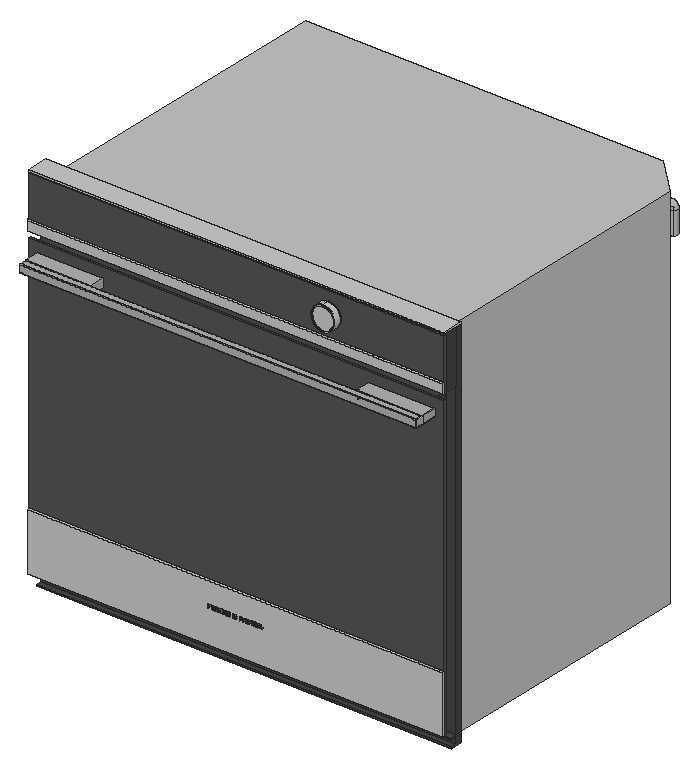
Revit family "FP_Revit_18_OB30SDPTDX1_Oven_90000939A", category Specialty Equipment, Revit 2018
Family settings
  Round Connector Dimension = Use Diameter
  Part Type = Normal
  OmniClass Number = 23.40.40.14.17.11
  OmniClass Title = Cookers, Ovens, Stoves
  Work Plane-Based = No
  Always vertical = Yes
  Cut with Voids When Loaded = Yes
  Shared = No
  Room Calculation Point = No
Parameters (values of type "OB30SDPTDX1")
  Visibility - Clearance Required = yes
  URL = "www.fisherpaykel.com"
  Product - Width = 760 mm  # constant formula
  Product - Height = 690 mm  # constant formula
  Product - Depth = 609 mm  # constant formula
  Model = "OB30SDPTDX1"
  Material - Trim = Fisher & Paykel - Stainless Steel
  Material - Structure = Fisher & Paykel - Black
  Material - Handle = Fisher & Paykel - Aluminium
  Material - Glass = Fisher & Paykel - Glass, Black
  Material - Buttons and Dials = Fisher & Paykel - Stainless Steel
  Material - Body = Fisher & Paykel - Grey
  Manufacturer = "Fisher & Paykel Appliances"
  FFL Offset [instance] = 170 mm
  Description = "30\" Self Cleaning Oven"
  Connector Note - Electrical = "208V or 240 V, 16.6 A - 19.4 A"
  Chassis - Width = 720 mm  # constant formula
  Chassis - Height = 675 mm  # constant formula
  Chassis - Depth = 569 mm  # constant formula
  Cavity - Width = 764 mm  # constant formula
  Cavity - Height = 693 mm  # constant formula
  Cavity - Depth = 575 mm  # constant formula
Reference planes
  plane 1 "Datum": y = 0
  plane 2: z = 0
  plane 3 "Center (Left/Right)": x = 0
  plane 4: z = 863
  plane 5: z = 860
  plane 6 "Product LHS": x = -380
  plane 7 "Product RHS": x = 380
  plane 8 "Product - Depth": y = 569
  plane 9 "Cavity LHS": x = -382
  plane 10 "Cavity RHS": x = 382
  plane 11 "Cavity - Depth": y = 575
  plane 12 "Front Face": y = -40
  plane 13 "FFL Offset": z = 170
Forms (mm)
  Extrusion 1, solid, material "Fisher & Paykel - Grey" <- "Material - Body"
    sketch origin (0, 0, 0) x (1, 0, 0) y (0, 1, 0)
      loop
        line (-359.809, 0) -> (360.191, 0) -> (360.191, 503) -> (294.191, 569) -> (-359.809, 569) -> (-359.809, 0)
    from 170 to 845
  Extrusion 2, solid, material "Fisher & Paykel - Clearance Required", visible <- "Visibility - Clearance Required", detail levels coarse
    sketch origin (0, 0, 0) x (1, 0, 0) y (0, 1, 0)
      loop
        line (-361.809, 0) -> (362.191, 0) -> (362.191, 575) -> (-361.809, 575) -> (-361.809, 0)
    from 170 to 851
  Extrusion 3, solid, material "Fisher & Paykel - Black" <- "Material - Structure"
    sketch origin (0, 0, 0) x (0, 1, 0) y (0, 0, 1)
      loop
        line (-11, 857.1) -> (-11, 187.834) -> (-21.5, 185.02) -> (-21.254, 184.102) -> (-11, 186.85) -> (-11, 171.95) -> (-22, 171.95) -> (-22, 170) -> (0, 170) -> (0, 857.1) -> (-11, 857.1)
    from -380 to 380
  Extrusion 4, solid, material "Fisher & Paykel - Black" <- "Material - Structure"
    sketch origin (0, 0, 0) x (0, 1, 0) y (0, 0, 1)
      loop
        line (-36, 857.1) -> (-36, 760) -> (-11, 760) -> (-11, 857.1) -> (-36, 857.1)
    from -380 to 380
  Extrusion 5, solid, material "Fisher & Paykel - Black" <- "Material - Structure"
    sketch origin (0, 0, 0) x (0, 1, 0) y (0, 0, 1)
      loop
        line (-16.2, 197.63) -> (-16.2, 747.665) -> (-36, 747.665) -> (-36, 197.63) -> (-16.2, 197.63)
    from -365 to 363.494
  Extrusion 6, solid, material "Fisher & Paykel - Black" <- "Material - Structure"
    sketch origin (0, 0, 0) x (0, 1, 0) y (0, 0, 1)
      loop
        line (-16.2, 747.665) -> (-16.2, 197.63) -> (-11, 197.63) -> (-11, 747.665) -> (-16.2, 747.665)
    from -361 to 361
  Extrusion 7, solid, material "Fisher & Paykel - Glass, Black" <- "Material - Glass"
    sketch origin (0, 0, 0) x (0, 1, 0) y (0, 0, 1)
      loop
        line (-40, 747.665) -> (-40, 197.63) -> (-36, 197.63) -> (-36, 747.665) -> (-40, 747.665)
    from -380 to 380
  Extrusion 8, solid, material "Fisher & Paykel - Glass, Black"
    sketch origin (0, 0, 0) x (0, 1, 0) y (0, 0, 1)
      loop
        line (-40, 855.1) -> (-40, 760) -> (-36, 760) -> (-36, 855.1) -> (-40, 855.1)
    from -380 to 380
  Extrusion 9, solid, material "Fisher & Paykel - Stainless Steel" <- "Material - Trim", detail levels fine
    sketch origin (0, 0, 0) x (0, 1, 0) y (0, 0, 1)
      loop
        line (-41.95, 777.531) -> (-41.95, 760) -> (-40, 760) -> (-40, 779.643) -> (-40.8, 779.643) -> (-41.95, 777.531)
    from -380 to 380
  Extrusion 10, solid, material "Fisher & Paykel - Clearance Required", visible <- "Visibility - Clearance Required", detail levels coarse
    sketch origin (0, -2000, 0) x (0, 1, 0) y (0, 0, 1)
      loop
        line (2000, 863) -> (1961, 863) -> (1961, 749.316)
        arc (1961, 749.316) -> (1570.899, 587.731) -> (1409.314, 197.63) r 551.686
        line (1409.314, 197.63) -> (1960, 197.63) -> (1960, 170) -> (2000, 170) -> (2000, 863)
    from -382 to 382
  Extrusion 11, solid, material "Fisher & Paykel - Stainless Steel" <- "Material - Trim", detail levels fine
    sketch origin (0, -2000, 0) x (0, 1, 0) y (0, 0, 1)
      loop
        line (1958.3, 303.247) -> (1958.3, 197.63) -> (1960, 197.63) -> (1960, 305.415) -> (1959.2, 305.415) -> (1958.3, 303.247)
    from -379.809 to 380
  Extrusion 12, solid, material "Fisher & Paykel - Stainless Steel" <- "Material - Trim"
    sketch origin (0, 0, 0) x (0, 1, 0) y (0, 0, 1)
      loop
        line (-40, 860) -> (-40, 857.1) -> (0, 857.1) -> (0, 860) -> (-40, 860)
    from -380 to 380
  Extrusion 13, void
    sketch origin (0, 0, 0) x (1, 0, 0) y (0, 1, 0)
      loop
        line (-361.809, 575) -> (-361.809, 0) -> (362.191, 0) -> (362.191, 575) -> (-361.809, 575)
    from 170 to 851
  Extrusion 14, void
    sketch origin (0, 0, 0) x (1, 0, 0) y (0, 1, 0)
      loop
        line (-382, 0) -> (-382, -40) -> (382, -40) -> (382, 0) -> (-382, 0)
    from 170 to 863
Lines and regions (mm)
  model lines, style "Fisher & Paykel"
    curve 1: line (-54, -40, 850.5) -> (54, -40, 850.5)
    curve 2: line (-54, -40, 785.7) -> (-54, -40, 850.5)
    curve 3: line (54, -40, 785.7) -> (-54, -40, 785.7)
    curve 4: line (54, -40, 850.5) -> (54, -40, 785.7)
Text (mm)
  text "Due to ongoing product development, product details are subject to change without notice. \nPlease always refer to www.fisherpaykel.com for the most current product information. \n© Fisher & Paykel 2020" at (41.04, -678.295, 0), in view "Ref. Level (Plan)"
Dimensions and locks
  equal spacing: plane 6 "Product LHS", plane 3 "Center (Left/Right)", plane 7 "Product RHS"
  "Product - Width": plane 6 "Product LHS" to plane 7 "Product RHS"
  "Chassis - Depth": plane 1 "Datum" to plane 8 "Product - Depth"
  equal spacing: plane 9 "Cavity LHS", plane 3 "Center (Left/Right)", plane 10 "Cavity RHS"
  "Cavity - Depth": plane 11 "Cavity - Depth" to plane 1 "Datum"
  Extrusion 2 to Extrusion 2 = 724 mm
  "Cavity - Width": plane 9 "Cavity LHS" to plane 10 "Cavity RHS"
  "Chassis - Width": Extrusion 1 to Extrusion 1
  plane 12 "Front Face" to plane 1 "Datum" = 40 mm
  "FFL Offset": plane 13 "FFL Offset" to level
  "Product - Height": plane 5 to plane 13 "FFL Offset"
  "Cavity - Height": plane 4 to plane 13 "FFL Offset"
  locked: plane 5 to nested 1 at 109.352
  "Chassis - Height": Extrusion 1 to plane 13 "FFL Offset"
  locked: plane 5 to nested 3 at 44.498
  locked: Extrusion 11 to plane 13 "FFL Offset" at 27.63
  locked: Extrusion 7 to plane 13 "FFL Offset" at 27.63
  locked: Extrusion 2 to plane 13 "FFL Offset" at 681
  locked: plane 5 to nested 4 at 129.422
  locked: nested 2 to plane 13 "FFL Offset" at 88.6
  aligned and locked: level to plane 2
  aligned and locked: plane 6 "Product LHS" to Extrusion 3
  aligned and locked: Extrusion 3 to plane 7 "Product RHS"
  aligned and locked: plane 9 "Cavity LHS" to Extrusion 10
  aligned and locked: Extrusion 10 to plane 10 "Cavity RHS"
  aligned and locked: Extrusion 1 to plane 13 "FFL Offset"
  aligned and locked: plane 13 "FFL Offset" to Extrusion 3 sketch curve
  aligned and locked: Extrusion 10 sketch curve to plane 13 "FFL Offset"
  aligned and locked: Extrusion 7 to Extrusion 6
  aligned and locked: Extrusion 5 to Extrusion 6
  aligned and locked: Extrusion 2 to Extrusion 1
  aligned and locked: Extrusion 13 to Extrusion 1
  aligned and locked: Extrusion 14 to Extrusion 1
  aligned and locked: plane 4 to Extrusion 14
  aligned and locked: Extrusion 13 to Extrusion 2
Automatic sketch dimensions
  plane 1 "Datum" to Extrusion 1 sketch curve = 0 mm
  Extrusion 1 sketch curve to plane 8 "Product - Depth" = 0 mm
  Extrusion 1 sketch curve to plane 6 "Product LHS" = 20.191 mm
  plane 7 "Product RHS" to Extrusion 1 sketch curve = 85.809 mm
  plane 7 "Product RHS" to Extrusion 1 sketch curve = 19.809 mm
  Extrusion 1 sketch curve to plane 8 "Product - Depth" = 66 mm
  plane 1 "Datum" to Extrusion 2 sketch curve = 0 mm
  plane 11 "Cavity - Depth" to Extrusion 2 sketch curve = 0 mm
  Extrusion 2 sketch curve to plane 6 "Product LHS" = 18.191 mm
  plane 7 "Product RHS" to Extrusion 2 sketch curve = 17.809 mm
  plane 1 "Datum" to Extrusion 4 sketch curve = 36 mm
  plane 1 "Datum" to Extrusion 4 sketch curve = 11 mm
  Extrusion 4 sketch curve to plane 5 = 100 mm
  Extrusion 4 sketch curve to plane 5 = 2.9 mm
  plane 1 "Datum" to Extrusion 5 sketch curve = 36 mm
  plane 1 "Datum" to Extrusion 5 sketch curve = 16.2 mm
  level to Extrusion 5 sketch curve = 197.63 mm
  Extrusion 5 sketch curve to plane 5 = 112.335 mm
  plane 1 "Datum" to Extrusion 6 sketch curve = 16.2 mm
  Extrusion 6 sketch curve to Extrusion 6 sketch curve = 5.2 mm
  level to Extrusion 6 sketch curve = 197.63 mm
  Extrusion 6 sketch curve to plane 5 = 112.335 mm
  plane 1 "Datum" to Extrusion 7 sketch curve = 40 mm
  Extrusion 7 sketch curve to Extrusion 7 sketch curve = 4 mm
  level to Extrusion 7 sketch curve = 197.63 mm
  Extrusion 7 sketch curve to plane 5 = 112.335 mm
  plane 1 "Datum" to Extrusion 8 sketch curve = 40 mm
  Extrusion 8 sketch curve to Extrusion 8 sketch curve = 4 mm
  Extrusion 8 sketch curve to plane 5 = 100 mm
  Extrusion 8 sketch curve to plane 5 = 4.9 mm
  plane 5 to Extrusion 12 sketch curve = 0 mm
  Extrusion 12 sketch curve to plane 5 = 2.9 mm
  Extrusion 12 sketch curve to Extrusion 12 sketch curve = 40 mm
  plane 1 "Datum" to Extrusion 12 sketch curve = 40 mm
  plane 1 "Datum" to Extrusion 13 sketch curve = 0 mm
  Extrusion 13 sketch curve to plane 6 "Product LHS" = 18.191 mm
  plane 7 "Product RHS" to Extrusion 13 sketch curve = 17.809 mm
  plane 11 "Cavity - Depth" to Extrusion 13 sketch curve = 0 mm
  Extrusion 14 sketch curve to plane 9 "Cavity LHS" = 0 mm
  Extrusion 14 sketch curve to plane 10 "Cavity RHS" = 0 mm
  plane 1 "Datum" to Extrusion 14 sketch curve = 0 mm
  plane 1 "Datum" to Extrusion 14 sketch curve = 40 mm
  Extrusion 9 sketch curve to Extrusion 9 sketch curve = 0.8 mm
  Extrusion 9 sketch curve to plane 12 "Front Face" = 1.95 mm
  Extrusion 9 sketch curve to plane 5 = 100 mm
  Extrusion 9 sketch curve to Extrusion 9 sketch curve = 17.531 mm
  Extrusion 9 sketch curve to Extrusion 9 sketch curve = 2.112 mm
  Extrusion 9 sketch curve to plane 12 "Front Face" = 0 mm
  Extrusion 11 sketch curve to plane 12 "Front Face" = 1.7 mm
  level to Extrusion 11 sketch curve = 197.63 mm
  Extrusion 11 sketch curve to Extrusion 11 sketch curve = 105.617 mm
  Extrusion 11 sketch curve to Extrusion 11 sketch curve = 0.8 mm
  Extrusion 11 sketch curve to Extrusion 11 sketch curve = 2.168 mm
  Extrusion 11 sketch curve to plane 12 "Front Face" = 0 mm
  plane 3 "Center (Left/Right)" to curve 1 = 54 mm
  curve 2 to plane 4 = 77.3 mm
  curve 3 to curve 2 = 108 mm
  curve 2 to curve 1 = 64.8 mm
  Extrusion 3 sketch curve to plane 1 "Datum" = 0 mm
  plane 1 "Datum" to Extrusion 3 sketch curve = 11 mm
  Extrusion 3 sketch curve to Extrusion 3 sketch curve = 0 mm
  Extrusion 3 sketch curve to Extrusion 3 sketch curve = 10.254 mm
  plane 13 "FFL Offset" to Extrusion 3 sketch curve = 15.02 mm
  Extrusion 3 sketch curve to Extrusion 3 sketch curve = 0.246 mm
  plane 13 "FFL Offset" to Extrusion 3 sketch curve = 1.95 mm
  Extrusion 3 sketch curve to Extrusion 3 sketch curve = 11 mm
  Extrusion 3 sketch curve to Extrusion 3 sketch curve = 0.918 mm
  Extrusion 3 sketch curve to plane 5 = 2.9 mm
  Extrusion 10 sketch curve to plane 1 "Datum" = 0 mm
  plane 12 "Front Face" to Extrusion 10 sketch curve = 1 mm
  Extrusion 10 sketch curve to Extrusion 10 sketch curve = 1 mm
  plane 13 "FFL Offset" to Extrusion 10 sketch curve = 27.63 mm
  Extrusion 10 sketch curve to plane 12 "Front Face" = 550.686 mm
  Extrusion 10 sketch curve to plane 4 = 0 mm
Nested families
  nested 1: "F&P Inlet Power OB30" at (327.191, 536, 800.625) x (0.7071, -0.7071, 0) z (0, 0, 1), type "F&P Inlet Power OB30"
  nested 2: "F&P Logo 100mm" at (0, -41.7, 258.6), type "Grey", detail levels fine
  nested 3: "F&P Dial OB" at (170, -40, 815.502), type "F&P Dial OB"
  nested 4: "F&P Handle Contemporary Square OB30" at (0, -40, 722.6), type "Aluminium"
Connectors
  electrical at (334.648, 543.457, 750.648), driven by "Connector Note - Electrical"
    settings: on nested 1, index 1, voltage 120 V, apparent load 0 VA, apparent load phase1 0 VA, apparent load phase2 0 VA, apparent load phase3 0 VA, power factor 1, load classification "Other", number of poles 2, system type 30, power factor state 1, is connector primary yes, connector utility no, sub classification motor no, connector description "208V or 240 V, 16.6 A - 19.4 A"
Definition of nested family "F&P Inlet Power OB30"
  Parameters (values of type "F&P Inlet Power OB30")
    URL = "www.fisherpaykel.com"
    Material - Body = none
    Manufacturer = "Fisher & Paykel Appliances"
  Reference planes
    plane 1 "Center (Front/Back)": y = 0
    plane 2: z = 0
    plane 3 "Center (Left/Right)": x = 0
  Forms (mm)
    Extrusion 1, solid, material <- "Material - Body"
      sketch origin (0, 0, 0) x (1, 0, 0) y (0, 0, 1)
        loop
          circle (0, 0) r 14.523
        loop
          circle (0, 0) r 7.273
      from -3.02 to 0
    Sweep 2, solid, material <- "Material - Body"
      path origin (0, 0, 0) x (0, 1, 0) y (0, 0, 1)
        loop
          line (0, 0) -> (2.546, 0)
          arc (2.546, 0) -> (8.203, -2.343) -> (10.546, -8) r 8
          line (10.546, -8) -> (10.546, -49.977)
      profile origin (0, 1.273, 0) x (0, 0, 1) y (1, 0, 0)
        loop
          circle (0, 0) r 7.273
  Dimensions and locks
    aligned and locked: level to plane 2
Definition of nested family "F&P Logo 100mm"
  Parameters (values of type "Chrome")
    URL = "www.fisherpaykel.com"
    Material - Logo = none
    Manufacturer = "Fisher & Paykel Appliances"
  Types (3): name
    (no name)
    Chrome
    Grey
  Reference planes
    plane 1 "Center (Front/Back)": y = 0
    plane 2: z = 0
    plane 3 "Center (Left/Right)": x = 0
  Forms (mm)
    Extrusion 1, solid, material <- "Material - Logo", detail levels fine
      sketch origin (0, 0, 0) x (1, 0, 0) y (0, 0, 1)
        loop
          line (-50.044, 0) -> (-48.47, 0) -> (-48.47, 2.138) -> (-46.011, 2.138) -> (-46.011, 3.472) -> (-48.47, 3.472) -> (-48.47, 4.712) -> (-45.795, 4.712) -> (-45.795, 6.04) -> (-50.044, 6.04) -> (-50.044, 0)
        loop
          line (-42.804, 6.04) -> (-42.804, 0) -> (-41.23, 0) -> (-41.23, 6.04) -> (-42.804, 6.04)
        loop
          line (-30.724, 6.04) -> (-30.724, 0) -> (-29.151, 0) -> (-29.151, 2.42) -> (-26.839, 2.42) -> (-26.839, 0) -> (-25.265, 0) -> (-25.265, 6.04) -> (-26.839, 6.04) -> (-26.839, 3.748) -> (-29.151, 3.748) -> (-29.151, 6.04) -> (-30.724, 6.04)
        loop
          line (-21.906, 6.04) -> (-21.906, 0) -> (-17.602, 0) -> (-17.602, 1.328) -> (-20.347, 1.328) -> (-20.347, 2.42) -> (-17.838, 2.42) -> (-17.838, 3.748) -> (-20.347, 3.748) -> (-20.347, 4.712) -> (-17.602, 4.712) -> (-17.602, 6.04) -> (-21.906, 6.04)
        loop
          line (45.667, 6.04) -> (45.667, 0) -> (49.956, 0) -> (49.956, 1.328) -> (47.241, 1.328) -> (47.241, 6.04) -> (45.667, 6.04)
        loop
          line (42.431, 6.04) -> (38.112, 6.04) -> (38.112, 0) -> (42.431, 0) -> (42.431, 1.328) -> (39.687, 1.328) -> (39.687, 2.42) -> (42.195, 2.42) -> (42.195, 3.748) -> (39.687, 3.748) -> (39.687, 4.712) -> (42.431, 4.712) -> (42.431, 6.04)
        loop
          line (33.451, 3.148) -> (35.683, 6.04) -> (33.844, 6.04) -> (31.915, 3.542) -> (31.915, 6.04) -> (30.342, 6.04) -> (30.342, 0) -> (31.915, 0) -> (31.915, 2.705) -> (33.903, 0) -> (35.763, 0) -> (33.451, 3.148)
        loop
          line (21.98, 6.04) -> (24.262, 2.42) -> (24.262, 0) -> (25.837, 0) -> (25.837, 2.341) -> (28.119, 6.04) -> (26.446, 6.04) -> (25.099, 3.707) -> (23.753, 6.04) -> (21.98, 6.04)
        loop
          line (18.479, 6.04) -> (16.983, 6.04) -> (14.524, 0) -> (16.069, 0) -> (16.501, 1.112) -> (18.921, 1.112) -> (19.354, 0) -> (20.938, 0) -> (18.479, 6.04)
        loop
          line (18.4, 2.439) -> (17.693, 4.174) -> (17.018, 2.439) -> (18.4, 2.439)
        loop
          line (8.031, 6.04) -> (8.031, 0) -> (9.605, 0) -> (9.605, 1.938) -> (10.599, 1.938)
          arc (10.599, 1.938) -> (12.65, 3.989) -> (10.599, 6.04) r 2.051
          line (10.599, 6.04) -> (8.031, 6.04)
        loop
          line (9.605, 4.712) -> (9.605, 3.197) -> (10.501, 3.197)
          arc (10.501, 3.197) -> (11.259, 3.954) -> (10.501, 4.712) r 0.757
          line (10.501, 4.712) -> (9.605, 4.712)
        loop
          line (-11.783, 6.04) -> (-14.366, 6.04) -> (-14.366, 0) -> (-12.792, 0) -> (-12.792, 1.336) -> (-11.992, 1.336) -> (-10.972, 0) -> (-9.153, 0) -> (-10.694, 1.973)
          arc (-10.694, 1.973) -> (-9.678, 4.424) -> (-11.783, 6.04) r 2.179
        loop
          line (-11.897, 4.712) -> (-12.792, 4.712) -> (-12.792, 3.053) -> (-11.897, 3.053)
          arc (-11.897, 3.053) -> (-11.068, 3.882) -> (-11.897, 4.712) r 0.83
        loop
          line (0.477, 4.712) -> (0.477, 6.153) -> (-3.575, 6.153) -> (-3.575, 4.851) -> (-2.974, 4.112)
          arc (-2.974, 4.112) -> (-3.51, 0.684) -> (-0.045, 0.512) r 2.334
          line (-0.045, 0.512) -> (0.46, -0.109) -> (2.246, -0.109) -> (0.86, 1.594) -> (2.061, 3.324) -> (0.443, 3.324) -> (-0.013, 2.667) -> (-1.677, 4.712) -> (0.477, 4.712)
        loop
          arc (-2.125, 3.068) -> (-2.269, 1.668) -> (-0.868, 1.524) r 0.996
          line (-0.868, 1.524) -> (-2.125, 3.068)
        loop
          line (-35.18, 3.634) -> (-36.516, 3.91)
          arc (-36.516, 3.91) -> (-37.049, 4.443) -> (-36.516, 4.976) r 0.533
          arc (-36.516, 4.976) -> (-35.235, 4.79) -> (-34.059, 4.248) r 4.505
          line (-34.059, 4.248) -> (-34.059, 5.743)
          arc (-34.059, 5.743) -> (-35.549, 6.179) -> (-37.1, 6.109) r 4.726
          arc (-37.1, 6.109) -> (-38.536, 4.335) -> (-37.1, 2.561) r 1.814
          line (-37.1, 2.561) -> (-35.754, 2.282)
          arc (-35.754, 2.282) -> (-35.221, 1.749) -> (-35.754, 1.216) r 0.533
          arc (-35.754, 1.216) -> (-37.035, 1.402) -> (-38.211, 1.945) r 4.505
          line (-38.211, 1.945) -> (-38.211, 0.449)
          arc (-38.211, 0.449) -> (-36.72, 0.013) -> (-35.169, 0.083) r 4.726
          arc (-35.169, 0.083) -> (-33.734, 1.863) -> (-35.18, 3.634) r 1.814
      from 0 to 0.8
  Dimensions and locks
    aligned and locked: level to plane 2
Definition of nested family "F&P Dial OB"
  Parameters (values of type "F&P Dial OB Black")
    URL = "www.fisherpaykel.com"
    Material - Buttons and Dials = none
    Material - Bezel = none
    Manufacturer = "Fisher & Paykel Appliances"
  Types (2): name
    F&P Dial OB
    F&P Dial OB Black
  Reference planes
    plane 1 "Center (Front/Back)": y = 0
    plane 2: z = 0
    plane 3 "Center (Left/Right)": x = 0
  Forms (mm)
    Revolve 1, solid, material <- "Material - Buttons and Dials", detail levels fine
      sketch origin (0, 0, 0) x (0, 1, 0) y (0, 0, 1)
        loop
          line (0, 22) -> (-0.843, 22) -> (-0.843, 16.038) -> (-2.39, 16.038) -> (-2.39, 22) -> (-13.7, 22) -> (-13.7, 21.2) -> (-13.191, 20) -> (-8.9, 20) -> (-8.9, 0) -> (0, 0) -> (0, 22)
        axis (0, 0) -> (-13.7, 0)
      angle from 0 to 360
    Extrusion 2, solid, material <- "Material - Buttons and Dials", detail levels fine
      sketch origin (0, 0, 0) x (1, 0, 0) y (0, 0, 1)
        loop
          circle (0, 0) r 19.45
      from 8.9 to 13.191
    Extrusion 3, solid, material <- "Material - Buttons and Dials", detail levels coarse+medium
      sketch origin (0, 0, 0) x (1, 0, 0) y (0, 0, 1)
        loop
          circle (0, 0) r 22
      from 0 to 13.7
    Extrusion 4, solid, material <- "Material - Bezel", detail levels fine
      sketch origin (0, 0, 0) x (1, 0, 0) y (0, 0, 1)
        loop
          circle (0, 0) r 19.45
        loop
          circle (0, 0) r 20
      from 2.39 to 13.191
  Dimensions and locks
    aligned and locked: level to plane 2
Definition of nested family "F&P Handle Contemporary Square OB30"
  Parameters (values of type "Aluminium, Dark")
    URL = "www.fisherpaykel.com"
    Material - Handle = none
    Manufacturer = "Fisher & Paykel Appliances"
    Handle - Length = 727 mm
  Types (3): name
    (no name)
    Aluminium
    Aluminium, Dark
  Reference planes
    plane 1 "Center (Front/Back)": y = 0
    plane 2: z = 0
    plane 3 "Center (Left/Right)": x = 0
    plane 4 "Product LHS": x = -363.5
    plane 5 "Product RHS": x = 363.5
    plane 6 "LHS Standoff": x = -243.495
    plane 7 "RHS Standoff": x = 243.505
  Forms (mm)
    Extrusion 1, solid, material <- "Material - Handle", detail levels fine
      sketch origin (0, 0, 0) x (0, 1, 0) y (0, 0, 1)
        loop
          arc (-28.701, 7.561) -> (-29.057, 7.868) -> (-29.514, 7.978) r 1
          line (-29.514, 7.978) -> (-40.5, 7.978)
          arc (-40.5, 7.978) -> (-41.561, 7.539) -> (-42, 6.478) r 1.5
          line (-42, 6.478) -> (-42, -6.522)
          arc (-42, -6.522) -> (-41.561, -7.583) -> (-40.5, -8.022) r 1.5
          line (-40.5, -8.022) -> (-29.487, -8.022)
          arc (-29.487, -8.022) -> (-29.029, -7.911) -> (-28.673, -7.602) r 1
          arc (-28.673, -7.602) -> (-26.256, -0.016) -> (-28.701, 7.561) r 13.038
      from -363.5 to 363.5
    Extrusion 2, solid, material <- "Material - Handle", detail levels fine
      sketch origin (0, 0, 0) x (0, 1, 0) y (0, 0, 1)
        loop
          arc (-28.23, 7.062) -> (-26.156, 0.008) -> (-28.198, -7.056) r 13.136
          arc (-28.198, -7.056) -> (-28.21, -7.463) -> (-27.86, -7.67) r 0.4
          line (-27.86, -7.67) -> (0, -7.67) -> (0, 7.678) -> (-27.893, 7.678)
          arc (-27.893, 7.678) -> (-28.244, 7.47) -> (-28.23, 7.062) r 0.4
      from 243.505 to 363.5
    Extrusion 3, solid, material <- "Material - Handle", detail levels fine
      sketch origin (0, 0, 0) x (0, 1, 0) y (0, 0, -1)
        loop
          arc (-28.23, -7.062) -> (-28.244, -7.47) -> (-27.893, -7.678) r 0.4
          line (-27.893, -7.678) -> (0, -7.678) -> (0, 7.67) -> (-27.86, 7.67)
          arc (-27.86, 7.67) -> (-28.21, 7.463) -> (-28.198, 7.056) r 0.4
          arc (-28.198, 7.056) -> (-26.156, -0.008) -> (-28.23, -7.062) r 13.136
      from 243.495 to 363.5
    Sweep 4, void
      path in 3D
        loop
          line (363.5, -29.514, 7.978) -> (363.5, -40.5, 7.978)
          arc (363.5, -40.5, 7.978) -> (363.5, -41.561, 7.539) -> (363.5, -42, 6.478) r 1.5
          line (363.5, -42, 6.478) -> (363.5, -42, -6.522)
          arc (363.5, -42, -6.522) -> (363.5, -41.561, -7.583) -> (363.5, -40.5, -8.022) r 1.5
          line (363.5, -40.5, -8.022) -> (363.5, -29.487, -8.022)
      profile origin (363.5, -35.007, 7.978) x (1, 0, 0) y (0, 0, 1)
        loop
          line (0, 0) -> (-1.3, 0) -> (0, -1.3) -> (0, 0)
    Sweep 5, void
      path in 3D
        loop
          line (-363.5, -29.487, -8.022) -> (-363.5, -40.5, -8.022)
          arc (-363.5, -40.5, -8.022) -> (-363.5, -41.561, -7.583) -> (-363.5, -42, -6.522) r 1.5
          line (-363.5, -42, -6.522) -> (-363.5, -42, 6.478)
          arc (-363.5, -42, 6.478) -> (-363.5, -41.561, 7.539) -> (-363.5, -40.5, 7.978) r 1.5
          line (-363.5, -40.5, 7.978) -> (-363.5, -29.514, 7.978)
      profile origin (-363.5, -35.007, 7.978) x (-1, 0, 0) y (0, 0, 1)
        loop
          line (0, 0) -> (-1.3, 0) -> (0, -1.3) -> (0, 0)
    Extrusion 6, void
      sketch origin (0, 0, 0) x (1, 0, 0) y (0, 0, 1)
        loop
          line (363.5, 7.978) -> (362.2, 7.978) -> (363.5, 6.678) -> (363.5, 7.978)
        loop
          line (363.5, -8.022) -> (363.5, -6.722) -> (362.2, -8.022) -> (363.5, -8.022)
      from 0 to 40
    Extrusion 7, void
      sketch origin (0, 0, 0) x (1, 0, 0) y (0, 0, 1)
        loop
          line (-363.5, 7.978) -> (-363.5, 6.678) -> (-362.2, 7.978) -> (-363.5, 7.978)
        loop
          line (-363.5, -8.022) -> (-362.2, -8.022) -> (-363.5, -6.722) -> (-363.5, -8.022)
      from 0 to 40
    Extrusion 8, solid, material <- "Material - Handle", detail levels coarse+medium
      sketch origin (0, 0, 0) x (1, 0, 0) y (0, 1, 0)
        loop
          line (-363.5, -42) -> (363.5, -42) -> (363.5, 0) -> (243.505, 0) -> (243.505, -26.156) -> (-243.495, -26.156) -> (-243.495, 0) -> (-363.5, 0) -> (-363.5, -42)
      from -8.022 to 7.978
  Cuts and joins
    Sweep 4, Sweep 5, Extrusion 6, Extrusion 7 cuts Extrusion 1
    Extrusion 6 cuts Extrusion 2
    Extrusion 7 cuts Extrusion 3
  Lines and regions (mm)
    sketch lines
      curve 1: line (363.5, -29.514, 7.978) -> (363.5, -40.5, 7.978)
      curve 2: arc (363.5, -42, 6.478) -> (363.5, -41.561, 7.539) -> (363.5, -40.5, 7.978) r 1.5
      curve 3: line (363.5, -42, 6.478) -> (363.5, -42, -6.522)
      curve 4: arc (363.5, -40.5, -8.022) -> (363.5, -41.561, -7.583) -> (363.5, -42, -6.522) r 1.5
      curve 5: line (363.5, -40.5, -8.022) -> (363.5, -29.487, -8.022)
      curve 6: line (-363.5, -40.5, 7.978) -> (-363.5, -29.514, 7.978)
      curve 7: arc (-363.5, -40.5, 7.978) -> (-363.5, -41.561, 7.539) -> (-363.5, -42, 6.478) r 1.5
      curve 8: line (-363.5, -42, -6.522) -> (-363.5, -42, 6.478)
      curve 9: arc (-363.5, -42, -6.522) -> (-363.5, -41.561, -7.583) -> (-363.5, -40.5, -8.022) r 1.5
      curve 10: line (-363.5, -29.487, -8.022) -> (-363.5, -40.5, -8.022)
  Dimensions and locks
    equal spacing: plane 4 "Product LHS", plane 3 "Center (Left/Right)", plane 5 "Product RHS"
    "Handle - Length": plane 4 "Product LHS" to plane 5 "Product RHS"
    locked: plane 4 "Product LHS" to plane 6 "LHS Standoff" at 120.005
    locked: plane 7 "RHS Standoff" to plane 5 "Product RHS" at 119.995
    aligned and locked: level to plane 2
    aligned and locked: Extrusion 1 to plane 5 "Product RHS"
    aligned and locked: plane 4 "Product LHS" to Extrusion 1
    aligned and locked: Extrusion 2 to plane 5 "Product RHS"
    aligned and locked: plane 4 "Product LHS" to Extrusion 3
    aligned and locked: plane 4 "Product LHS" to Extrusion 8 sketch curve
    aligned and locked: Extrusion 8 sketch curve to plane 5 "Product RHS"
    aligned and locked: Extrusion 8 sketch curve to plane 7 "RHS Standoff"
    aligned and locked: plane 6 "LHS Standoff" to Extrusion 8 sketch curve
    aligned and locked: Extrusion 2 to plane 7 "RHS Standoff"
    aligned and locked: plane 6 "LHS Standoff" to Extrusion 3
  Automatic sketch dimensions
    Extrusion 1 sketch curve to level = 6.522 mm
    plane 1 "Center (Front/Back)" to Extrusion 1 sketch curve = 42 mm
    Extrusion 1 sketch curve to Extrusion 1 sketch curve = 1.5 mm  (x2)
    Extrusion 1 sketch curve to level = 0.04 mm
    Extrusion 1 sketch curve to Extrusion 1 sketch curve = 1.206 mm
    level to Extrusion 1 sketch curve = 6.978 mm
    Extrusion 1 sketch curve to Extrusion 1 sketch curve = 10.986 mm
    Extrusion 1 sketch curve to Extrusion 1 sketch curve = 11.013 mm
    Extrusion 1 sketch curve to Extrusion 1 sketch curve = 1 mm
    level to Extrusion 1 sketch curve = 6.478 mm
    Extrusion 1 sketch curve to Extrusion 1 sketch curve = 0 mm
    Extrusion 2 sketch curve to plane 1 "Center (Front/Back)" = 0 mm
    Extrusion 2 sketch curve to level = 7.67 mm
    Extrusion 2 sketch curve to Extrusion 2 sketch curve = 27.86 mm
    level to Extrusion 2 sketch curve = 7.678 mm
    Extrusion 2 sketch curve to Extrusion 2 sketch curve = 0.033 mm
    Extrusion 2 sketch curve to level = 0.022 mm
    Extrusion 2 sketch curve to Extrusion 2 sketch curve = 11.398 mm
    Extrusion 2 sketch curve to Extrusion 2 sketch curve = 0.4 mm  (x2)
    Extrusion 2 sketch curve to Extrusion 2 sketch curve = 0 mm
    Extrusion 3 sketch curve to plane 1 "Center (Front/Back)" = 0 mm
    Extrusion 3 sketch curve to level = 7.67 mm
    Extrusion 3 sketch curve to Extrusion 3 sketch curve = 27.86 mm
    level to Extrusion 3 sketch curve = 7.678 mm
    Extrusion 3 sketch curve to Extrusion 3 sketch curve = 0.033 mm
    Extrusion 3 sketch curve to level = 0.022 mm
    Extrusion 3 sketch curve to Extrusion 3 sketch curve = 11.398 mm
    Extrusion 3 sketch curve to Extrusion 3 sketch curve = 0.4 mm  (x2)
    Extrusion 3 sketch curve to Extrusion 3 sketch curve = 0 mm
    profile plane to Sweep 4 sketch curve = 0 mm
    Sweep 4 sketch curve to profile plane = 0 mm
    Sweep 4 sketch curve to profile plane = 1.3 mm
    profile plane to Sweep 4 sketch curve = 1.3 mm
    Sweep 5 sketch curve to profile plane = 0 mm  (x2)
    profile plane to Sweep 5 sketch curve = 1.3 mm
    Sweep 5 sketch curve to profile plane = 1.3 mm
    plane 5 "Product RHS" to Extrusion 6 sketch curve = 0 mm  (x2)
    Extrusion 6 sketch curve to Extrusion 6 sketch curve = 1.3 mm  (x4)
    Extrusion 6 sketch curve to level = 6.722 mm
    level to Extrusion 6 sketch curve = 6.678 mm
    plane 4 "Product LHS" to Extrusion 7 sketch curve = 0 mm  (x2)
    Extrusion 7 sketch curve to plane 4 "Product LHS" = 1.3 mm  (x2)
    Extrusion 7 sketch curve to level = 8.022 mm
    level to Extrusion 7 sketch curve = 6.678 mm
    Extrusion 7 sketch curve to Extrusion 7 sketch curve = 1.3 mm  (x2)
    plane 1 "Center (Front/Back)" to Extrusion 8 sketch curve = 0 mm  (x2)
    Extrusion 8 sketch curve to Extrusion 8 sketch curve = 26.156 mm
    Extrusion 8 sketch curve to Extrusion 8 sketch curve = 42 mm
